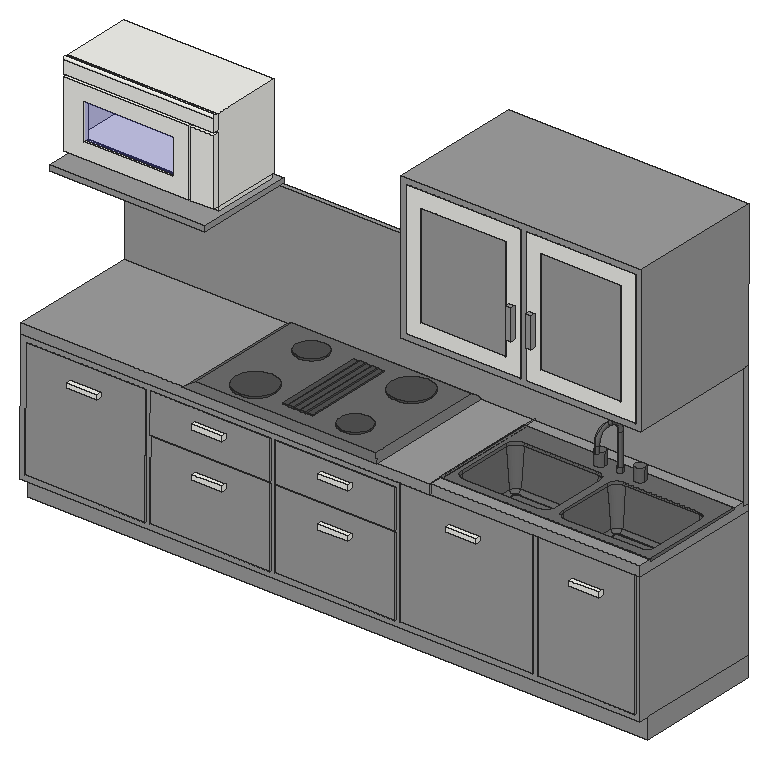
Revit family "kitchen", category Furniture, Revit 2013
Reference planes (in)
  plane 1 "Center Front/Back": y = 0
  plane 2: z = 0
  plane 3 "Center Left/Right": x = 0
Forms (in)
  Extrusion 1, solid, material "brown"
    sketch origin (0, 0, 0) x (1, 0, 0) y (0, 0, 1)
      loop
        line (-60, 0) -> (64, 0) -> (64, 4) -> (-60, 4) -> (-60, 0)
    from 0 to 25
  Extrusion 2, solid, material "brown"
    sketch origin (0, 0, 0) x (1, 0, 0) y (0, 0, 1)
      loop
        line (-60, 4) -> (64, 4) -> (64, 30) -> (63, 30) -> (63, 5) -> (43.5, 5) -> (43.5, 30) -> (42.5, 30) -> (42.5, 5) -> (40.44556, 5) -> (16, 5) -> (16, 30) -> (-60, 30) -> (-60, 4)
      loop
        line (-59, 5) -> (-35, 5) -> (-35, 29) -> (-59, 29) -> (-59, 5)
      loop
        line (-34, 5) -> (-10, 5) -> (-10, 29) -> (-34, 29) -> (-34, 5)
      loop
        line (-9, 5) -> (15, 5) -> (15, 29) -> (-9, 29) -> (-9, 5)
    from 0 to 27
  Extrusion 3, solid, material "black granite"
    sketch origin (0, 0, 0) x (1, 0, 0) y (0, 0, 1)
      loop
        line (-60, 30) -> (22, 30) -> (22, 32) -> (-60, 32) -> (-60, 30)
    from 0 to 27
  Extrusion 4, solid, material "brown"
    sketch origin (0, 0, 0) x (1, 0, 0) y (0, 0, 1)
      loop
        line (-59, 29) -> (-59, 5) -> (-35, 5) -> (-35, 29) -> (-59, 29)
      loop
        line (-9, 29) -> (-9, 21) -> (15, 21) -> (15, 29) -> (-9, 29)
      loop
        line (-9, 20.78396) -> (-9, 5) -> (15, 5) -> (15, 20.78396) -> (-9, 20.78396)
      loop
        line (-34, 29) -> (-34, 21) -> (-10, 21) -> (-10, 29) -> (-34, 29)
      loop
        line (-10, 20.80801) -> (-34, 20.80801) -> (-34, 5) -> (-10, 5) -> (-10, 20.80801)
    from 27 to 25.75
  Extrusion 5, solid, material "cream"
    sketch origin (0, 0, 0) x (1, 0, 0) y (0, 0, 1)
      loop
        line (-60, 31.25) -> (64, 31.25) -> (64, 56) -> (-60, 56) -> (-60, 31.25)
    from 0 to 1
  Extrusion 6, solid, material "black granite"
    sketch origin (0, 0, 0) x (1, 0, 0) y (0, 0, 1)
      loop
        line (-60, 56) -> (-29, 56) -> (-29, 57) -> (-60, 57) -> (-60, 56)
    from 0 to 19.61001
  Extrusion 7, solid, material "black granite"
    sketch origin (0, 0, 0) x (1, 0, 0) y (0, 1, 0)
      loop
        line (22, 0) -> (22, -27) -> (64, -27) -> (64, 0) -> (22, 0)
      loop
        line (22.5, -24.40814) -> (63.5, -24.40814) -> (63.5, -3.40814) -> (22.5, -3.40814) -> (22.5, -24.40814)
    from 30 to 32
  Extrusion 8, solid, material "brown"
    sketch origin (0, 0, 0) x (1, 0, 0) y (0, 0, 1)
      loop
        line (16, 30) -> (16, 5) -> (42.5, 5) -> (42.5, 30) -> (16, 30)
      loop
        line (43.5, 30) -> (43.5, 5) -> (63, 5) -> (63, 30) -> (43.5, 30)
    from 27 to 25.75
  Extrusion 9, solid, material "brown"
    sketch origin (0, 0, 0) x (1, 0, 0) y (0, 0, 1)
      loop
        line (63.75, 4) -> (63.75, 30) -> (-60, 30) -> (-60, 4) -> (63.75, 4)
    from 0 to 1
  Extrusion 10, solid, material "brown"
    sketch origin (0, 0, 0) x (1, 0, 0) y (0, 0, 1)
      loop
        line (16, 56) -> (64, 56) -> (64, 85) -> (16, 85) -> (16, 56)
      loop
        line (17, 84) -> (17, 57) -> (40, 57) -> (40, 84) -> (17, 84)
      loop
        line (63, 57) -> (63, 84) -> (41, 84) -> (41, 57) -> (63, 57)
    from 0 to 27
  Extrusion 11, solid, material "Laminate - Ivory, Matte"
    sketch origin (0, 0, 0) x (1, 0, 0) y (0, 0, 1)
      loop
        line (17, 84) -> (17, 57) -> (40, 57) -> (40, 84) -> (17, 84)
      loop
        line (41, 84) -> (41, 57) -> (63, 57) -> (63, 84) -> (41, 84)
      loop
        line (20, 80.7407) -> (20, 60) -> (37, 60) -> (37, 80.7407) -> (20, 80.7407)
      loop
        line (44, 60) -> (60, 60) -> (60, 81) -> (44, 81) -> (44, 60)
    from 25.75 to 27
  Extrusion 12, solid, material "translucent glass"
    sketch origin (0, 0, 0) x (1, 0, 0) y (0, 0, 1)
      loop
        line (20, 80.7407) -> (20, 60) -> (37, 60) -> (37, 80.7407) -> (20, 80.7407)
      loop
        line (44, 81) -> (44, 60) -> (60, 60) -> (60, 81) -> (44, 81)
    from 25.75 to 27
  Extrusion 13, solid, material "brown"
    sketch origin (0, 0, 0) x (1, 0, 0) y (0, 0, 1)
      loop
        line (63, 57) -> (63, 84) -> (17, 84) -> (17, 57) -> (63, 57)
    from 0 to 1
  Extrusion 14, solid, material "brown"
    sketch origin (0, 0, 0) x (1, 0, 0) y (0, 0, 1)
      loop
        line (37.98553, 69.77972) -> (37.98553, 63.77972) -> (38.98553, 63.77972) -> (38.98553, 69.77972) -> (37.98553, 69.77972)
      loop
        line (41.98553, 69.77972) -> (41.98553, 63.77972) -> (42.98553, 63.77972) -> (42.98553, 69.77972) -> (41.98553, 69.77972)
    from 28 to 1
  Extrusion 15, solid, material "Laminate - Ivory, Matte"
    sketch origin (0, 0, 0) x (1, 0, 0) y (0, 0, 1)
      loop
        line (-49.83508, 25.26516) -> (-49.83508, 24.26516) -> (-43.83508, 24.26516) -> (-43.83508, 25.26516) -> (-49.83508, 25.26516)
      loop
        line (-24.86934, 26.57356) -> (-24.86934, 25.57356) -> (-18.86934, 25.57356) -> (-18.86934, 26.57356) -> (-24.86934, 26.57356)
      loop
        line (-24.86934, 17.57356) -> (-24.86934, 16.57356) -> (-18.86934, 16.57356) -> (-18.86934, 17.57356) -> (-24.86934, 17.57356)
      loop
        line (0.26856, 26.57356) -> (0.26856, 25.57356) -> (6.26856, 25.57356) -> (6.26856, 26.57356) -> (0.26856, 26.57356)
      loop
        line (0.26856, 17.57356) -> (0.26856, 16.57356) -> (6.26856, 16.57356) -> (6.26856, 17.57356) -> (0.26856, 17.57356)
      loop
        line (25.85204, 26.03833) -> (25.85204, 25.03833) -> (31.85204, 25.03833) -> (31.85204, 26.03833) -> (25.85204, 26.03833)
      loop
        line (50.44547, 25.03833) -> (50.44547, 24.03833) -> (56.44547, 24.03833) -> (56.44547, 25.03833) -> (50.44547, 25.03833)
    from 28 to 25
Dimensions and locks (in)
  Extrusion 2 to Extrusion 4 = 2' - 1"
  aligned and locked: level to plane 2
Nested families (in)
  nested 1: "Cook Top-4 Unit" at (-8, -13.75, 1), type "36" x 20""
  nested 2: "Sink Kitchen-Double" at (42.38231, -14.09234, -4.35908), type "42" x 21""
  nested 3: "Microwave" at (-64.69657, 5.65081, 20.87291), type "30" x 16" x 18""
Definition of nested family "Cook Top-4 Unit"
  Parameters (values of type "36" x 20"")
    Assembly Code = "E1090400"
    Burner Material = Metal - Chrome
    Cooktop Material = Metal - Steel, Polished
    Depth = 2' - 0"
    Width = 3' - 0"
  Types (4): name | Depth | Width
    (no name) | 2' - 0" | 3' - 0"
    36" x 20" | 2' - 0" | 3' - 0"
    40" x 21" | 1' - 9" | 3' - 4"
    42" x 22" | 1' - 10" | 3' - 6"
  Reference planes (in)
    plane 1 "Center (Front/Back)": y = 0
    plane 2: z = 31
    plane 3 "Center (Left/Right)": x = 0
    plane 4: x = -18
    plane 5: x = 18
    plane 6: y = 12
    plane 7: y = -12
    plane 8: y = 7
    plane 9: y = -7
    plane 10: x = -10
    plane 11: x = 10
  Forms (in)
    Blend 1, solid, material "Metal - Steel, Polished" <- "Cooktop Material"
      base sketch origin (0, 0, 0) x (1, 0, 0) y (0, 1, 0)
        loop
          line (-19.5, 13.5) -> (-19.5, -13.5) -> (19.5, -13.5) -> (19.5, 13.5) -> (-19.5, 13.5)
      top sketch origin (0, 0, 0) x (1, 0, 0) y (0, 1, 0)
        loop
          line (-18, 12) -> (-18, -12) -> (18, -12) -> (18, 12) -> (-18, 12)
      from 31 to 31.75
    Extrusion 2, solid, material "Metal - Chrome" <- "Burner Material"
      sketch origin (0, 0, 31.75) x (-1, 0, 0) y (0, -1, 0)
        loop
          circle (10, -7) r 3.01523
        loop
          circle (-10, -7) r 4
        loop
          circle (-10, 7) r 3
        loop
          line (3, -9) -> (3, 9) -> (2, 9) -> (2, -9) -> (3, -9)
        loop
          line (1.75, -9) -> (1.75, 9) -> (0.75, 9) -> (0.75, -9) -> (1.75, -9)
        loop
          line (0.5, -9) -> (0.5, 9) -> (-0.5, 9) -> (-0.5, -9) -> (0.5, -9)
        loop
          line (-0.75, -9) -> (-0.75, 9) -> (-1.75, 9) -> (-1.75, -9) -> (-0.75, -9)
        loop
          line (-2, -9) -> (-2, 9) -> (-3, 9) -> (-3, -9) -> (-2, -9)
      from 0 to 0.25
    Extrusion 3, solid, material "Metal - Chrome" <- "Burner Material"
      sketch origin (0, 0, 31.75) x (-1, 0, 0) y (0, -1, 0)
        loop
          circle (10, 7) r 4
      from 0 to 0.25
  Lines and regions (in)
    symbolic lines, style "SpecialityEquipment"
      curve 1: line (-19.5, 13.5, 0) -> (19.5, 13.5, 0)
      curve 2: line (-19.5, -13.5, 0) -> (-19.5, 13.5, 0)
      curve 3: line (19.5, -13.5, 0) -> (-19.5, -13.5, 0)
      curve 4: line (19.5, 13.5, 0) -> (19.5, -13.5, 0)
      curve 5: line (-18, 12, 0) -> (18, 12, 0)
      curve 6: line (-18, -12, 0) -> (-18, 12, 0)
      curve 7: line (18, -12, 0) -> (-18, -12, 0)
      curve 8: line (18, 12, 0) -> (18, -12, 0)
      curve 9: line (-8, 7, 0) -> (-6, 7, 0)
      curve 10: line (-12, 7, 0) -> (-14, 7, 0)
      curve 11: line (-10, 9, 0) -> (-10, 11, 0)
      curve 12: arc (-6.98477, 7, 0) -> (-10, 10.01523, 0) -> (-13.01523, 7, 0) r 3.01523
      curve 13: arc (-13.01523, 7, 0) -> (-10, 3.98477, 0) -> (-6.98477, 7, 0) r 3.01523
      curve 14: arc (-6, -7, 0) -> (-10, -3, 0) -> (-14, -7, 0) r 4
      curve 15: arc (-14, -7, 0) -> (-10, -11, 0) -> (-6, -7, 0) r 4
      curve 16: line (-12, -7, 0) -> (-15, -7, 0)
      curve 17: line (-10, -9, 0) -> (-10, -12, 0)
      curve 18: line (12, -7, 0) -> (14, -7, 0)
      curve 19: line (10, -9, 0) -> (10, -11, 0)
      curve 20: line (-3, 9, 0) -> (3, 9, 0)
      curve 21: line (-3, -9, 0) -> (-3, 9, 0)
      curve 22: line (3, -9, 0) -> (-3, -9, 0)
      curve 23: line (3, 9, 0) -> (3, -9, 0)
      curve 24: line (-2, -9, 0) -> (-2, 9, 0)
      curve 25: line (-0.75, -9, 0) -> (-0.75, 9, 0)
      curve 26: line (0.5, -9, 0) -> (0.5, 9, 0)
      curve 27: line (1.75, -9, 0) -> (1.75, 9, 0)
      curve 28: line (2, 9, 0) -> (2, -9, 0)
      curve 29: line (0.75, 9, 0) -> (0.75, -9, 0)
      curve 30: line (-0.5, 9, 0) -> (-0.5, -9, 0)
      curve 31: line (-1.75, 9, 0) -> (-1.75, -9, 0)
      curve 32: arc (10, -4, 0) -> (13, -7, 0) -> (10, -10, 0) r 3
      curve 33: arc (10, -4, 0) -> (7, -7, 0) -> (10, -10, 0) r 3
      curve 34: arc (14, 7, 0) -> (10, 11, 0) -> (6, 7, 0) r 4
      curve 35: arc (6, 7, 0) -> (10, 3, 0) -> (14, 7, 0) r 4
      curve 36: line (-10, 5, 0) -> (-10, 3, 0)
      curve 37: line (7, 7, 0) -> (4, 7, 0)
      curve 38: line (8, -7, 0) -> (5, -7, 0)
      curve 39: line (-8, -7, 0) -> (-5, -7, 0)
      curve 40: line (-10, -5, 0) -> (-10, -2, 0)
      curve 41: line (10, -5, 0) -> (10, -3, 0)
      curve 42: line (10, 5, 0) -> (10, 2, 0)
      curve 43: line (10, 9, 0) -> (10, 12, 0)
      curve 44: line (12, 7, 0) -> (15, 7, 0)
  Dimensions and locks (in)
    "Width": plane 4 to plane 5
    equal spacing: plane 7, plane 1 "Center (Front/Back)", plane 6
    equal spacing: plane 4, plane 3 "Center (Left/Right)", plane 5
    "Depth": plane 7 to plane 6
    plane 7 to Blend 1 sketch curve = 0' - 1 1/2"
    plane 4 to plane 10 = 0' - 8"
    plane 11 to plane 5 = 0' - 8"
    plane 8 to plane 6 = 0' - 5"
    plane 7 to plane 9 = 0' - 5"
    curve 21 to curve 23 = 0' - 6"
  Automatic sketch dimensions
    plane 4 to Blend 1 sketch curve = 0' - 1 1/2"
    Blend 1 sketch curve to plane 5 = 0' - 1 1/2"
    Blend 1 sketch curve to plane 6 = 0' - 1 1/2"
    Blend 1 sketch curve to plane 4 = 0' - 0"
    Blend 1 sketch curve to plane 5 = 0' - 0"
    Blend 1 sketch curve to plane 7 = 0' - 0"
    Blend 1 sketch curve to plane 6 = 0' - 0"
    Extrusion 2 sketch curve to plane 8 = 0' - 0"  (x2)
    Extrusion 2 sketch curve to plane 9 = 0' - 0"
    Extrusion 2 sketch curve to plane 11 = 0' - 0"  (x2)
    Extrusion 2 sketch curve to plane 10 = 0' - 0"
    Extrusion 2 sketch curve to Extrusion 2 sketch curve = 0' - 3"
    plane 5 to Extrusion 2 sketch curve = 0' - 4"
    plane 3 "Center (Left/Right)" to Extrusion 2 sketch curve = 0' - 3"
    Extrusion 2 sketch curve to Extrusion 2 sketch curve = 0' - 1"  (x3)
    Extrusion 2 sketch curve to Extrusion 2 sketch curve = 0' - 0 1/4"  (x4)
    plane 3 "Center (Left/Right)" to Extrusion 2 sketch curve = 0' - 0 3/4"
    Extrusion 2 sketch curve to plane 3 "Center (Left/Right)" = 0' - 0 1/2"
    Extrusion 2 sketch curve to Extrusion 2 sketch curve = 0' - 3.01523"
    Extrusion 2 sketch curve to plane 8 = 0' - 2"  (x2)
    Extrusion 2 sketch curve to Extrusion 2 sketch curve = 0' - 0"  (x7)
    plane 9 to Extrusion 2 sketch curve = 0' - 2"
    Extrusion 3 sketch curve to plane 9 = 0' - 0"
    Extrusion 3 sketch curve to plane 10 = 0' - 0"
    Extrusion 3 sketch curve to Extrusion 3 sketch curve = 0' - 4"
    curve 7 to plane 4 = 0' - 0"
    curve 16 to plane 9 = 0' - 0"
    curve 15 to plane 9 = 0' - 0"
    curve 10 to plane 8 = 0' - 0"
    curve 40 to plane 10 = 0' - 0"
    curve 36 to plane 10 = 0' - 0"
    curve 11 to plane 10 = 0' - 0"
    curve 12 to plane 10 = 0' - 0"
    curve 15 to plane 10 = 0' - 0"
    curve 17 to plane 10 = 0' - 0"
    curve 13 to plane 10 = 0' - 0"
    curve 39 to plane 9 = 0' - 0"
    curve 37 to plane 8 = 0' - 0"
    curve 38 to plane 9 = 0' - 0"
    curve 35 to plane 8 = 0' - 0"
    curve 19 to plane 11 = 0' - 0"
    curve 34 to plane 11 = 0' - 0"
    curve 42 to plane 11 = 0' - 0"
    curve 41 to plane 11 = 0' - 0"
    curve 43 to plane 6 = 0' - 0"
    curve 43 to plane 11 = 0' - 0"
    curve 18 to plane 9 = 0' - 0"
    curve 44 to plane 8 = 0' - 0"
    curve 8 to plane 5 = 0' - 0"
    curve 6 to plane 7 = 0' - 0"
    curve 32 to plane 9 = 0' - 0"
    curve 33 to plane 9 = 0' - 0"
    plane 4 to curve 3 = 0' - 1 1/2"
    curve 16 to plane 4 = 0' - 3"
    curve 16 to curve 15 = 0' - 1"
    curve 10 to curve 13 = 0' - 4"
    curve 10 to curve 13 = 0' - 0.98477"
    curve 12 to curve 13 = 0' - 0"
    plane 10 to curve 16 = 0' - 2"
    curve 12 to curve 10 = 0' - 1.01523"
    curve 14 to curve 39 = 0' - 2"
    curve 9 to curve 13 = 0' - 1.01523"
    curve 12 to curve 9 = 0' - 0.98477"
    curve 15 to curve 39 = 0' - 1"
    curve 22 to plane 3 "Center (Left/Right)" = 0' - 3"
    curve 22 to curve 24 = 0' - 1"
    curve 24 to curve 31 = 0' - 0 1/4"
    curve 25 to plane 3 "Center (Left/Right)" = 0' - 0 3/4"
    curve 25 to curve 30 = 0' - 0 1/4"
    plane 3 "Center (Left/Right)" to curve 26 = 0' - 0 1/2"
    curve 26 to curve 29 = 0' - 0 1/4"
    curve 29 to curve 27 = 0' - 1"
    curve 27 to curve 28 = 0' - 0 1/4"
    curve 37 to curve 34 = 0' - 6"
    plane 11 to curve 38 = 0' - 5"
    curve 37 to curve 35 = 0' - 2"
    curve 35 to curve 37 = 0' - 1"
    plane 11 to curve 38 = 0' - 2"
    curve 32 to curve 18 = 0' - 2"
    curve 44 to curve 34 = 0' - 2"
    curve 18 to curve 18 = 0' - 2"
    curve 34 to curve 44 = 0' - 1"
    curve 3 to plane 5 = 0' - 1 1/2"
    plane 7 to curve 4 = 0' - 1 1/2"
    curve 19 to plane 7 = 0' - 1"
    curve 19 to curve 33 = 0' - 1"
    curve 22 to curve 38 = 0' - 2"
    curve 17 to curve 14 = 0' - 2"
    curve 33 to curve 19 = 0' - 1"
    curve 40 to plane 9 = 0' - 2"
    curve 41 to curve 32 = 0' - 1"
    curve 33 to curve 41 = 0' - 1"
    curve 40 to curve 40 = 0' - 3"
    plane 8 to curve 42 = 0' - 5"
    curve 36 to curve 12 = 0' - 4"
    curve 36 to curve 12 = 0' - 2"
    plane 8 to curve 42 = 0' - 2"
    curve 37 to curve 28 = 0' - 2"
    curve 11 to plane 8 = 0' - 2"
    curve 34 to curve 43 = 0' - 2"
    plane 6 to curve 11 = 0' - 1"
    curve 1 to plane 6 = 0' - 1 1/2"
Definition of nested family "Sink Kitchen-Double"
  Parameters (values of type "42" x 21"")
    Assembly Code = "D2010410"
    Counter Height = 3' - 0"
    Depth = 1' - 9"
    Faucet Material = Metal - Steel, Polished
    Sink Material = Metal - Steel, Polished
    Width = 3' - 6"
  Reference planes (in)
    plane 1 "Center (Front/Back)": y = -1.40766
    plane 2: z = 0
    plane 3 "Center (Left/Right)": x = 0.61769
    plane 4: y = 10.59234
    plane 5: y = -10.40766
    plane 6: x = -20.38231
    plane 7: x = 21.61769
    plane 8 "Top Of Counter": z = 36
    plane 9: z = 36.5
    plane 10: z = 27.5
    plane 11: y = 6.09234
    plane 12: x = -18.88231
    plane 13: y = -8.90766
    plane 14: x = 20.11769
    plane 15: x = -3.38231
    plane 16: x = 4.61769
    plane 17: y = 8.34234
    plane 18: y = 8.34234
    plane 19: y = 8.34234
    plane 20: z = 46.375
    plane 21: y = 2.46734
    plane 22: z = 39
    plane 23: z = 37.5
    plane 24: x = -0.13231
    plane 25: x = 1.36769
    plane 26: x = -9.13231
    plane 27: x = 10.36769
    plane 28: z = 27.875
  Forms (in)
    Extrusion 1, solid, material "Metal - Steel, Polished" <- "Sink Material"
      sketch origin (0, 0, 0) x (1, 0, 0) y (0, 1, 0)
        loop
          line (-20.38231, 10.59234) -> (-20.38231, -10.40766) -> (21.61769, -10.40766) -> (21.61769, 10.59234) -> (-20.38231, 10.59234)
        loop
          arc (-16.88231, 6.09234) -> (-18.29653, 5.50655) -> (-18.88231, 4.09234) r 2
          line (-18.88231, 4.09234) -> (-18.88231, -6.90766)
          arc (-18.88231, -6.90766) -> (-18.29653, -8.32187) -> (-16.88231, -8.90766) r 2
          line (-16.88231, -8.90766) -> (-2.13231, -8.90766)
          arc (-2.13231, -8.90766) -> (-0.7181, -8.32187) -> (-0.13231, -6.90766) r 2
          line (-0.13231, -6.90766) -> (-0.13231, 4.09234)
          arc (-0.13231, 4.09234) -> (-0.7181, 5.50655) -> (-2.13231, 6.09234) r 2
          line (-2.13231, 6.09234) -> (-16.88231, 6.09234)
        loop
          arc (18.11769, -8.90766) -> (19.5319, -8.32187) -> (20.11769, -6.90766) r 2
          line (20.11769, -6.90766) -> (20.11769, 4.09234)
          arc (20.11769, 4.09234) -> (19.5319, 5.50655) -> (18.11769, 6.09234) r 2
          line (18.11769, 6.09234) -> (3.36769, 6.09234)
          arc (3.36769, 6.09234) -> (1.95347, 5.50655) -> (1.36769, 4.09234) r 2
          line (1.36769, 4.09234) -> (1.36769, -6.90766)
          arc (1.36769, -6.90766) -> (1.95347, -8.32187) -> (3.36769, -8.90766) r 2
          line (3.36769, -8.90766) -> (18.11769, -8.90766)
      from 36 to 36.5
    Sweep 2, solid, material "Metal - Steel, Polished" <- "Sink Material"
      path origin (0, 0, 0) x (1, 0, 0) y (0, 1, 0)
        loop
          arc (-16.88231, 6.09234) -> (-18.29653, 5.50655) -> (-18.88231, 4.09234) r 2
          line (-18.88231, 4.09234) -> (-18.88231, -6.90766)
          arc (-18.88231, -6.90766) -> (-18.29653, -8.32187) -> (-16.88231, -8.90766) r 2
          line (-16.88231, -8.90766) -> (-2.13231, -8.90766)
          arc (-2.13231, -8.90766) -> (-0.7181, -8.32187) -> (-0.13231, -6.90766) r 2
          line (-0.13231, -6.90766) -> (-0.13231, 4.09234)
          arc (-0.13231, 4.09234) -> (-0.7181, 5.50655) -> (-2.13231, 6.09234) r 2
          line (-2.13231, 6.09234) -> (-16.88231, 6.09234)
      profile origin (-9.50731, 0, 0) x (0, 1, 0) y (0, 0, 1)
        loop
          line (6.09234, 36) -> (5.44139, 28.55963)
          arc (5.44139, 28.55963) -> (5.20094, 28.07204) -> (4.69424, 27.875) r 0.75
          line (4.69424, 27.875) -> (4.59234, 27.875) -> (4.59234, 27.5) -> (6.34234, 27.5) -> (6.34234, 36) -> (6.09234, 36)
    Extrusion 3, solid, material "Metal - Steel, Polished" <- "Sink Material"
      sketch origin (0, 0, 0) x (1, 0, 0) y (0, 1, 0)
        loop
          arc (-16.88231, 4.59234) -> (-17.23587, 4.44589) -> (-17.38231, 4.09234) r 0.5
          line (-17.38231, 4.09234) -> (-17.38231, -6.90766)
          arc (-17.38231, -6.90766) -> (-17.23587, -7.26121) -> (-16.88231, -7.40766) r 0.5
          line (-16.88231, -7.40766) -> (-2.13231, -7.40766)
          arc (-2.13231, -7.40766) -> (-1.77876, -7.26121) -> (-1.63231, -6.90766) r 0.5
          line (-1.63231, -6.90766) -> (-1.63231, 4.09234)
          arc (-1.63231, 4.09234) -> (-1.77876, 4.44589) -> (-2.13231, 4.59234) r 0.5
          line (-2.13231, 4.59234) -> (-16.88231, 4.59234)
        loop
          circle (-9.13231, -1.40766) r 1
      from 27.5 to 27.875
    Extrusion 4, solid, material "Metal - Steel, Polished" <- "Faucet Material"
      sketch origin (0, 0, 0) x (1, 0, 0) y (0, 1, 0)
        loop
          circle (-3.38231, 8.34234) r 1
        loop
          circle (4.61769, 8.34234) r 1
      from 36.5 to 39
    Sweep 5, solid, material "Metal - Steel, Polished" <- "Faucet Material"
      path origin (0.61769, 0, 0) x (0, 1, 0) y (0, 0, 1)
        loop
          line (8.34234, 36.5) -> (8.34234, 43.875)
          arc (8.34234, 43.875) -> (7.61011, 45.64277) -> (5.84234, 46.375) r 2.5
          line (5.84234, 46.375) -> (4.96734, 46.375)
          arc (4.96734, 46.375) -> (3.19957, 45.64277) -> (2.46734, 43.875) r 2.5
          line (2.46734, 43.875) -> (2.46734, 42.5)
      profile origin (0.61769, 0, 40.1875) x (0, -1, 0) y (1, 0, 0)
        loop
          circle (-8.34234, 0) r 0.375
    Extrusion 6, solid, material "Metal - Steel, Polished" <- "Faucet Material"
      sketch origin (0, 0, 0) x (1, 0, 0) y (0, 1, 0)
        loop
          circle (0.61769, 8.34234) r 0.5
      from 36.5 to 37.5
    Sweep 7, solid, material "Metal - Steel, Polished" <- "Sink Material"
      path origin (1.23537, 0, 0) x (-1, 0, 0) y (0, -1, 0)
        loop
          line (-16.88231, -6.09234) -> (-2.13231, -6.09234)
          arc (-2.13231, -6.09234) -> (-0.7181, -5.50655) -> (-0.13231, -4.09234) r 2
          line (-0.13231, -4.09234) -> (-0.13231, 6.90766)
          arc (-0.13231, 6.90766) -> (-0.7181, 8.32187) -> (-2.13231, 8.90766) r 2
          line (-2.13231, 8.90766) -> (-16.88231, 8.90766)
          arc (-16.88231, 8.90766) -> (-18.29653, 8.32187) -> (-18.88231, 6.90766) r 2
          line (-18.88231, 6.90766) -> (-18.88231, -4.09234)
          arc (-18.88231, -4.09234) -> (-18.29653, -5.50655) -> (-16.88231, -6.09234) r 2
      profile origin (10.74269, 0, 0) x (0, -1, 0) y (0, 0, 1)
        loop
          line (-6.09234, 36) -> (-6.34234, 36) -> (-6.34234, 27.5) -> (-4.59234, 27.5) -> (-4.59234, 27.875) -> (-4.69424, 27.875)
          arc (-4.69424, 27.875) -> (-5.20094, 28.07204) -> (-5.44139, 28.55963) r 0.75
          line (-5.44139, 28.55963) -> (-6.09234, 36)
    Extrusion 8, solid, material "Metal - Steel, Polished" <- "Sink Material"
      sketch origin (0, 0, 0) x (1, 0, 0) y (0, 1, 0)
        loop
          arc (3.36769, 4.69424) -> (3.01413, 4.5478) -> (2.86769, 4.19424) r 0.5
          line (2.86769, 4.19424) -> (2.86769, -6.90766)
          arc (2.86769, -6.90766) -> (3.01413, -7.26121) -> (3.36769, -7.40766) r 0.5
          line (3.36769, -7.40766) -> (18.11769, -7.40766)
          arc (18.11769, -7.40766) -> (18.47124, -7.26121) -> (18.61769, -6.90766) r 0.5
          line (18.61769, -6.90766) -> (18.61769, 4.19424)
          arc (18.61769, 4.19424) -> (18.47124, 4.5478) -> (18.11769, 4.69424) r 0.5
          line (18.11769, 4.69424) -> (3.36769, 4.69424)
        loop
          circle (10.36769, -1.40766) r 1
      from 27.5 to 27.875
  Cuts and joins
    joined: Extrusion 1, Sweep 2, Sweep 7
    joined: Sweep 5, Extrusion 6
  Lines and regions (in)
    Masking region 1
      outline origin (0, 0, 36) x (0, -1, 0) y (1, 0, 0)
        loop
          line (-10.59234, -20.38231) -> (10.40766, -20.38231) -> (10.40766, 21.61769) -> (-10.59234, 21.61769) -> (-10.59234, -20.38231)
    symbolic lines
      curve 1: line (-18.88231, 4.09234, 36) -> (-18.88231, -6.90766, 36)
      curve 2: line (-16.88231, -8.90766, 36) -> (-2.13231, -8.90766, 36)
      curve 3: line (20.11769, -6.90766, 36) -> (20.11769, 4.09234, 36)
      curve 4: line (18.11769, 6.09234, 36) -> (3.36769, 6.09234, 36)
      curve 5: arc (20.11769, 4.09234, 36) -> (19.5319, 5.50655, 36) -> (18.11769, 6.09234, 36) r 2
      curve 6: arc (18.11769, -8.90766, 36) -> (19.5319, -8.32187, 36) -> (20.11769, -6.90766, 36) r 2
      curve 7: arc (-18.88231, -6.90766, 36) -> (-18.29653, -8.32187, 36) -> (-16.88231, -8.90766, 36) r 2
      curve 8: arc (-16.88231, 6.09234, 36) -> (-18.29653, 5.50655, 36) -> (-18.88231, 4.09234, 36) r 2
      curve 9: arc (1.11769, 8.34234, 36) -> (0.61769, 8.84234, 36) -> (0.11769, 8.34234, 36) r 0.5
      curve 10: line (0.11769, 8.34234, 36) -> (0.11769, 0.59234, 36)
      curve 11: line (1.11769, 8.34234, 36) -> (1.11769, 0.59234, 36)
      curve 12: arc (1.11769, 0.59234, 36) -> (0.61769, 0.09234, 36) -> (0.11769, 0.59234, 36) r 0.5
      curve 13: line (-0.13231, 4.09234, 36) -> (-0.13231, -6.90766, 36)
      curve 14: line (1.36769, 4.09234, 36) -> (1.36769, -6.90766, 36)
      curve 15: line (3.36769, -8.90766, 36) -> (18.11769, -8.90766, 36)
      curve 16: line (-2.13231, 6.09234, 36) -> (-16.88231, 6.09234, 36)
      curve 17: arc (3.36769, 6.09234, 36) -> (1.95347, 5.50655, 36) -> (1.36769, 4.09234, 36) r 2
      curve 18: arc (1.36769, -6.90766, 36) -> (1.95347, -8.32187, 36) -> (3.36769, -8.90766, 36) r 2
      curve 19: arc (-0.13231, -6.90766, 36) -> (-0.7181, -8.32187, 36) -> (-2.13231, -8.90766, 36) r 2
      curve 20: arc (-0.13231, 4.09234, 36) -> (-0.7181, 5.50655, 36) -> (-2.13231, 6.09234, 36) r 2
      curve 21: arc (-10.13231, -1.40766, 36) -> (-9.13231, -0.40766, 36) -> (-8.13231, -1.40766, 36) r 1
      curve 22: arc (-8.13231, -1.40766, 36) -> (-9.13231, -2.40766, 36) -> (-10.13231, -1.40766, 36) r 1
      curve 23: arc (9.36769, -1.40766, 36) -> (10.36769, -0.40766, 36) -> (11.36769, -1.40766, 36) r 1
      curve 24: arc (11.36769, -1.40766, 36) -> (10.36769, -2.40766, 36) -> (9.36769, -1.40766, 36) r 1
      curve 25: arc (-4.38231, 8.34234, 36) -> (-3.38231, 7.34234, 36) -> (-2.38231, 8.34234, 36) r 1
      curve 26: arc (-2.38231, 8.34234, 36) -> (-3.38231, 9.34234, 36) -> (-4.38231, 8.34234, 36) r 1
      curve 27: arc (3.61769, 8.34234, 36) -> (4.61769, 7.34234, 36) -> (5.61769, 8.34234, 36) r 1
      curve 28: arc (5.61769, 8.34234, 36) -> (4.61769, 9.34234, 36) -> (3.61769, 8.34234, 36) r 1
  Dimensions and locks (in)
    equal spacing: plane 6, plane 3 "Center (Left/Right)", plane 7
    "Width": plane 6 to plane 7
    "Depth": plane 5 to plane 4
    "Counter Height": plane 8 "Top Of Counter" to plane 2
    locked: plane 9 to plane 8 "Top Of Counter" at 0.5
    locked: plane 8 "Top Of Counter" to plane 10 at 8.5
    locked: plane 6 to plane 12 at 1.5
    locked: plane 14 to plane 7 at 1.5
    locked: plane 11 to plane 4 at 4.5
    locked: plane 5 to plane 13 at 1.5
    equal spacing: plane 11, plane 17, plane 4
    equal spacing: plane 11, plane 18, plane 4
    equal spacing: plane 4, plane 19, plane 11
    locked: plane 19 to plane 21 at 5.875
    locked: plane 20 to plane 9 at 9.875
    locked: plane 22 to plane 9 at 2.5
    locked: plane 23 to plane 9 at 1
    plane 24 to plane 3 "Center (Left/Right)" to plane 25 = 0' - 0 3/4" locked, 0' - 0 3/4" locked
    equal spacing: plane 12, plane 26, plane 3 "Center (Left/Right)"
    equal spacing: plane 3 "Center (Left/Right)", plane 27, plane 14
    equal spacing: plane 13, plane 1 "Center (Front/Back)", plane 11
    locked: plane 15 to plane 3 "Center (Left/Right)" at 4
    locked: plane 3 "Center (Left/Right)" to plane 16 at 4
    locked: plane 28 to plane 10 at 0.375
    aligned and locked: Extrusion 1 sketch curve to plane 5
    aligned and locked: plane 7 to Extrusion 1 sketch curve
    aligned and locked: plane 4 to Extrusion 1 sketch curve
    aligned and locked: Extrusion 1 sketch curve to plane 6
    aligned and locked: plane 8 "Top Of Counter" to Extrusion 1
    aligned and locked: Extrusion 1 to plane 9
    aligned and locked: plane 11 to Extrusion 1 sketch curve
    aligned and locked: plane 14 to Extrusion 1 sketch curve
    aligned and locked: Extrusion 1 sketch curve to plane 12
    aligned and locked: Extrusion 1 sketch curve to plane 13
    aligned and locked: plane 11 to Sweep 2 sketch curve
    aligned and locked: Sweep 2 sketch curve to plane 12
    aligned and locked: Sweep 2 sketch curve to plane 13
    aligned and locked: Sweep 2 to Extrusion 3 sketch curve  (x4)
    aligned and locked: plane 10 to Extrusion 3
    aligned and locked: Sweep 2 sketch curve to plane 10
    aligned and locked: plane 8 "Top Of Counter" to Sweep 2 sketch curve
    aligned and locked: Extrusion 4 to Extrusion 1
    aligned and locked: Extrusion 6 to Extrusion 1
    aligned and locked: Sweep 5 sketch curve to plane 19
    aligned and locked: plane 20 to Sweep 5 sketch curve
    aligned and locked: plane 21 to Sweep 5 sketch curve
    aligned and locked: Extrusion 4 to plane 22
    aligned and locked: Extrusion 6 to plane 23
    aligned and locked: Sweep 2 sketch curve to Extrusion 1
    aligned and locked: Sweep 7 sketch curve to plane 14
    aligned and locked: Sweep 7 sketch curve to Extrusion 1
    aligned and locked: Sweep 7 sketch curve to plane 11
    aligned and locked: plane 13 to Sweep 7 sketch curve
    aligned and locked: plane 10 to Extrusion 8
    aligned and locked: curve 21 to Extrusion 3
    aligned and locked: curve 23 to Extrusion 8
    aligned and locked: Extrusion 8 sketch curve to Sweep 7
    aligned and locked: Sweep 7 sketch curve to plane 8 "Top Of Counter"
    aligned and locked: plane 10 to Sweep 7 sketch curve
    aligned and locked: plane 4 to Masking region 1 sketch curve
    aligned and locked: plane 7 to Masking region 1 sketch curve
    aligned and locked: Masking region 1 sketch curve to plane 5
    aligned and locked: Masking region 1 sketch curve to plane 6
    aligned and locked: plane 15 to Extrusion 4 sketch curve
    aligned and locked: plane 17 to Extrusion 4 sketch curve  (x2)
    aligned and locked: plane 16 to Extrusion 4 sketch curve
    aligned and locked: curve 25 to Extrusion 4
    aligned and locked: curve 27 to Extrusion 4
    aligned and locked: Extrusion 3 to plane 28
    aligned and locked: Extrusion 8 to plane 28
  Automatic sketch dimensions
    Sweep 2 sketch curve to profile plane = 0' - 0"
    profile plane to Sweep 2 sketch curve = 0' - 0.65095"
    Sweep 2 sketch curve to Sweep 2 sketch curve = 0' - 0.74715"
    Sweep 2 sketch curve to Sweep 2 sketch curve = 0' - 0.10191"
    Sweep 2 sketch curve to profile plane = 0' - 0 1/4"
    Sweep 2 sketch curve to Sweep 2 sketch curve = 0' - 0 3/8"
    Sweep 2 sketch curve to Sweep 2 sketch curve = 0' - 0.68463"
    plane 15 to Extrusion 4 sketch curve = 0' - 1"
    plane 16 to Extrusion 4 sketch curve = 0' - 1"
    Sweep 5 sketch curve to plane 3 "Center (Left/Right)" = 0' - 0"
    Sweep 5 sketch curve to profile plane = 0' - 0"
    profile plane to Sweep 5 sketch curve = 0' - 0 3/8"
    Extrusion 6 sketch curve to plane 18 = 0' - 0"
    Extrusion 6 sketch curve to plane 3 "Center (Left/Right)" = 0' - 0"
    Extrusion 6 sketch curve to plane 3 "Center (Left/Right)" = 0' - 0 1/2"
    Sweep 5 sketch curve to plane 9 = 0' - 0"
    Sweep 5 sketch curve to Sweep 5 sketch curve = 0' - 2 1/2"
    plane 11 to Sweep 5 sketch curve = 0' - 0 1/4"
    Sweep 5 sketch curve to Sweep 5 sketch curve = 0' - 1 3/8"
    Extrusion 1 sketch curve to plane 13 = 0' - 0"
    Extrusion 1 sketch curve to plane 24 = 0' - 0"
    Extrusion 1 sketch curve to plane 25 = 0' - 0"
    Extrusion 1 sketch curve to plane 11 = 0' - 0"
    Extrusion 1 sketch curve to plane 12 = 0' - 2"  (x2)
    Extrusion 1 sketch curve to plane 3 "Center (Left/Right)" = 0' - 2 3/4"  (x2)
    plane 3 "Center (Left/Right)" to Extrusion 1 sketch curve = 0' - 2 3/4"  (x2)
    plane 14 to Extrusion 1 sketch curve = 0' - 2"
    Extrusion 1 sketch curve to Extrusion 1 sketch curve = 0' - 2"
    Sweep 2 sketch curve to plane 12 = 0' - 2"  (x2)
    Sweep 2 sketch curve to plane 3 "Center (Left/Right)" = 0' - 2 3/4"  (x2)
    plane 14 to Sweep 7 sketch curve = 0' - 2"  (x2)
    Sweep 7 sketch curve to Sweep 7 sketch curve = 0' - 2"
    plane 3 "Center (Left/Right)" to Sweep 7 sketch curve = 0' - 2 3/4"
    Extrusion 3 sketch curve to plane 1 "Center (Front/Back)" = 0' - 0"
    Extrusion 3 sketch curve to plane 26 = 0' - 0"
    Extrusion 3 sketch curve to Extrusion 3 sketch curve = 0' - 0 1/2"  (x4)
    plane 26 to Extrusion 3 sketch curve = 0' - 1"
    Extrusion 8 sketch curve to plane 1 "Center (Front/Back)" = 0' - 0"
    Extrusion 8 sketch curve to plane 27 = 0' - 0"
    plane 27 to Extrusion 8 sketch curve = 0' - 1"
    plane 3 "Center (Left/Right)" to Extrusion 8 sketch curve = 0' - 2 3/4"  (x2)
    Extrusion 8 sketch curve to Extrusion 8 sketch curve = 0' - 0 1/2"  (x2)
    plane 11 to Extrusion 8 sketch curve = 0' - 1.89809"
    Extrusion 8 sketch curve to plane 13 = 0' - 2"
    plane 7 to Extrusion 8 sketch curve = 0' - 3 1/2"
    Sweep 7 sketch curve to profile plane = 0' - 0"
    profile plane to Sweep 7 sketch curve = 0' - 0 1/4"
    Sweep 7 sketch curve to profile plane = 0' - 0.65095"
    Sweep 7 sketch curve to Sweep 7 sketch curve = 0' - 0.74715"
    Sweep 7 sketch curve to Sweep 7 sketch curve = 0' - 0.10191"
    Sweep 7 sketch curve to Sweep 7 sketch curve = 0' - 0.06537"
    Sweep 7 sketch curve to Sweep 7 sketch curve = 0' - 1.05963"
    curve 20 to plane 11 = 0' - 0"
    curve 17 to plane 11 = 0' - 0"
    curve 5 to plane 14 = 0' - 0"
    curve 1 to plane 12 = 0' - 0"
    curve 12 to plane 3 "Center (Left/Right)" = 0' - 0"
    curve 7 to plane 13 = 0' - 0"
    curve 18 to plane 13 = 0' - 0"
    plane 4 to curve 11 = 0' - 2 1/4"
    plane 11 to curve 5 = 0' - 2"
    plane 11 to curve 8 = 0' - 2"
    curve 13 to plane 3 "Center (Left/Right)" = 0' - 0 3/4"
    curve 14 to curve 13 = 0' - 0"
    curve 11 to plane 1 "Center (Front/Back)" = 0' - 2"
    plane 3 "Center (Left/Right)" to curve 14 = 0' - 0 3/4"
    curve 14 to plane 13 = 0' - 2"
    curve 13 to curve 14 = 0' - 0"
    curve 1 to plane 13 = 0' - 2"
    curve 6 to plane 13 = 0' - 2"
    curve 9 to plane 3 "Center (Left/Right)" = 0' - 0 1/2"
    curve 4 to curve 27 = 0' - 0 1/4"
Definition of nested family "Microwave"
  Parameters (values of type "32" x 18" x 20"")
    Assembly Code = "E1090400"
    Depth = 1' - 6"
    Height = 1' - 8"
    Microwave Material = Laminate - Ivory, Matte
    Width = 2' - 8"
  Types (3): name | Depth | Height | Width
    (no name) | 1' - 6" | 1' - 8" | 2' - 8"
    30" x 16" x 18" | 1' - 4" | 1' - 6" | 2' - 6"
    32" x 18" x 20" | 1' - 6" | 1' - 8" | 2' - 8"
  Reference planes (in)
    plane 1 "Center (Front/Back)": y = -13.90081
    plane 2: z = 36
    plane 3 "Center (Left/Right)": x = 19.69657
    plane 4 "Back": y = -4.90081
    plane 5 "Right": x = 35.69657
    plane 6 "Front": y = -22.90081
    plane 7 "Left": x = 3.69657
    plane 8 "Top": z = 56
    plane 9: z = 50.69121
  Forms (in)
    Extrusion 1, solid, material "Laminate - Ivory, Matte" <- "Microwave Material"
      sketch origin (0, 0, 36) x (1, 0, 0) y (0, 1, 0)
        loop
          line (4.07157, -5.90081) -> (4.07157, -21.08831) -> (35.32157, -21.08831) -> (35.32157, -5.90081) -> (4.07157, -5.90081)
      from 0 to 1.25
    Extrusion 2, solid, material "Laminate - Ivory, Matte" <- "Microwave Material"
      sketch origin (0, 0, 36) x (1, 0, 0) y (0, 1, 0)
        loop
          line (3.69657, -5.90081) -> (3.69657, -21.90081) -> (35.69657, -21.90081) -> (35.69657, -5.90081) -> (3.69657, -5.90081)
      from 1.25 to 20
    Extrusion 3, void
      sketch origin (0, -22.90081, 0) x (-1, 0, 0) y (0, 0, 1)
        loop
          line (-5.93094, 50.03943) -> (-33.46219, 50.03943) -> (-33.46219, 40.16443) -> (-5.93094, 40.16443) -> (-5.93094, 50.03943)
      from 1 to 14
    Extrusion 4, solid, material "Laminate - Ivory, Matte" <- "Microwave Material"
      sketch origin (35.69657, -0.04581, 0) x (0, -1, 0) y (0, 0, 1)
        loop
          line (5.90081, 55) -> (4.90081, 55) -> (4.90081, 37.87191) -> (5.90081, 36.87191) -> (5.90081, 55)
      from 1 to 31
    Extrusion 5, solid, material "Laminate - Ivory, Matte" <- "Microwave Material"
      sketch origin (35.69657, 0, 0) x (0, -1, 0) y (0, 0, 1)
        loop
          line (21.90081, 56) -> (21.90081, 53) -> (22.90081, 53) -> (22.90081, 55.5)
          arc (22.90081, 55.5) -> (22.75436, 55.85355) -> (22.40081, 56) r 0.5
          line (22.40081, 56) -> (21.90081, 56)
      from 0 to 32
    Extrusion 6, solid, material "Laminate - Ivory, Matte" <- "Microwave Material"
      sketch origin (0, -22.90081, 0) x (1, 0, 0) y (0, 0, 1)
        loop
          line (3.69657, 52.5) -> (3.69657, 37.25) -> (30.71219, 37.25) -> (30.71219, 52.5) -> (3.69657, 52.5)
        loop
          line (7.69657, 49.5) -> (7.69657, 40.25) -> (26.71219, 40.25) -> (26.71219, 49.5) -> (7.69657, 49.5)
        loop
          line (35.69657, 37.25) -> (35.69657, 52.5) -> (31.21219, 52.5) -> (31.21219, 37.25) -> (35.69657, 37.25)
      from 0 to -1
    Extrusion 7, solid, material "Glass"
      sketch origin (0, -22.90081, 0) x (1, 0, 0) y (0, 0, 1)
        loop
          line (7.69657, 49.5) -> (7.69657, 40.25) -> (26.71219, 40.25) -> (26.71219, 49.5) -> (7.69657, 49.5)
      from -0.25 to -0.5
  Cuts and joins
    Extrusion 3 cuts Extrusion 1
    Extrusion 3 cuts Extrusion 2
  Lines and regions (in)
    Masking region 1
      outline origin (0, 0, 36) x (1, 0, 0) y (0, 1, 0)
        loop
          line (35.69657, -22.90081) -> (35.69657, -5.90081) -> (34.69657, -5.90081) -> (34.69657, -4.90081) -> (4.69657, -4.90081) -> (4.69657, -5.90081) -> (3.69657, -5.90081) -> (3.69657, -22.90081) -> (35.69657, -22.90081)
    model lines, detail levels medium+fine
      curve 1: line (7.19657, -22.90081, 39.75) -> (27.21219, -22.90081, 39.75)
      curve 2: line (7.19657, -22.90081, 50) -> (7.19657, -22.90081, 39.75)
      curve 3: line (27.21219, -22.90081, 50) -> (7.19657, -22.90081, 50)
      curve 4: line (27.21219, -22.90081, 39.75) -> (27.21219, -22.90081, 50)
      curve 5: line (4.89837, -22.90081, 55.02049) -> (29.08587, -22.90081, 55.02049)
      curve 6: line (4.89837, -22.90081, 53.77049) -> (4.89837, -22.90081, 55.02049)
      curve 7: line (29.08587, -22.90081, 53.77049) -> (4.89837, -22.90081, 53.77049)
      curve 8: line (29.08587, -22.90081, 55.02049) -> (29.08587, -22.90081, 53.77049)
      curve 9: line (27.69657, -22.90081, 55.02049) -> (27.69657, -22.90081, 53.77049)
      curve 10: line (26.30727, -22.90081, 55.02049) -> (26.30727, -22.90081, 53.77049)
      curve 11: line (24.91796, -22.90081, 55.02049) -> (24.91796, -22.90081, 53.77049)
      curve 12: line (23.52866, -22.90081, 55.02049) -> (23.52866, -22.90081, 53.77049)
      curve 13: line (22.13936, -22.90081, 55.02049) -> (22.13936, -22.90081, 53.77049)
      curve 14: line (20.75005, -22.90081, 55.02049) -> (20.75005, -22.90081, 53.77049)
      curve 15: line (19.36075, -22.90081, 55.02049) -> (19.36075, -22.90081, 53.77049)
      curve 16: line (17.97145, -22.90081, 55.02049) -> (17.97145, -22.90081, 53.77049)
      curve 17: line (16.58214, -22.90081, 55.02049) -> (16.58214, -22.90081, 53.77049)
      curve 18: line (15.19284, -22.90081, 55.02049) -> (15.19284, -22.90081, 53.77049)
      curve 19: line (13.80354, -22.90081, 55.02049) -> (13.80354, -22.90081, 53.77049)
      curve 20: line (12.41423, -22.90081, 55.02049) -> (12.41423, -22.90081, 53.77049)
      curve 21: line (35.69657, -8.44662, 39.25) -> (35.69657, -19.90081, 39.25)
      curve 22: line (35.69657, -7.94662, 51.0625) -> (35.69657, -7.94662, 39.75)
      curve 23: line (35.69657, -19.90081, 51.5625) -> (35.69657, -8.44662, 51.5625)
      curve 24: line (35.69657, -20.40081, 39.75) -> (35.69657, -20.40081, 51.0625)
      curve 25: arc (35.69657, -20.40081, 51.0625) -> (35.69657, -20.25436, 51.41605) -> (35.69657, -19.90081, 51.5625) r 0.5
      curve 26: arc (35.69657, -8.44662, 51.5625) -> (35.69657, -8.09307, 51.41605) -> (35.69657, -7.94662, 51.0625) r 0.5
      curve 27: arc (35.69657, -7.94662, 39.75) -> (35.69657, -8.09307, 39.39645) -> (35.69657, -8.44662, 39.25) r 0.5
      curve 28: arc (35.69657, -19.90081, 39.25) -> (35.69657, -20.25436, 39.39645) -> (35.69657, -20.40081, 39.75) r 0.5
      curve 29: line (3.69657, -19.90081, 51.5625) -> (3.69657, -8.44662, 51.5625)
      curve 30: arc (3.69657, -8.44662, 51.5625) -> (3.69657, -8.09307, 51.41605) -> (3.69657, -7.94662, 51.0625) r 0.5
      curve 31: line (3.69657, -7.94662, 51.0625) -> (3.69657, -7.94662, 39.75)
      curve 32: arc (3.69657, -7.94662, 39.75) -> (3.69657, -8.09307, 39.39645) -> (3.69657, -8.44662, 39.25) r 0.5
      curve 33: line (3.69657, -8.44662, 39.25) -> (3.69657, -19.90081, 39.25)
      curve 34: arc (3.69657, -19.90081, 39.25) -> (3.69657, -20.25436, 39.39645) -> (3.69657, -20.40081, 39.75) r 0.5
      curve 35: line (3.69657, -20.40081, 39.75) -> (3.69657, -20.40081, 51.0625)
      curve 36: arc (3.69657, -20.40081, 51.0625) -> (3.69657, -20.25436, 51.41605) -> (3.69657, -19.90081, 51.5625) r 0.5
    symbolic lines, style "SpecialityEquipment"
      curve 37: line (34.69657, -5.90081, 36) -> (4.69657, -5.90081, 36)
      curve 38: line (3.69657, -21.90081, 36) -> (35.69657, -21.90081, 36)
    model lines
      curve 39: line (6.94657, -22.90081, 50.75) -> (27.46219, -22.90081, 50.75)
      curve 40: line (6.44657, -22.90081, 39.5) -> (6.44657, -22.90081, 50.25)
      curve 41: line (27.46219, -22.90081, 39) -> (6.94657, -22.90081, 39)
      curve 42: line (27.96219, -22.90081, 50.25) -> (27.96219, -22.90081, 39.5)
      curve 43: arc (6.44657, -22.90081, 50.25) -> (6.59302, -22.90081, 50.60355) -> (6.94657, -22.90081, 50.75) r 0.5
      curve 44: arc (6.94657, -22.90081, 39) -> (6.59302, -22.90081, 39.14645) -> (6.44657, -22.90081, 39.5) r 0.5
      curve 45: arc (27.96219, -22.90081, 39.5) -> (27.81575, -22.90081, 39.14645) -> (27.46219, -22.90081, 39) r 0.5
      curve 46: arc (27.46219, -22.90081, 50.75) -> (27.81575, -22.90081, 50.60355) -> (27.96219, -22.90081, 50.25) r 0.5
  Dimensions and locks (in)
    equal spacing: plane 7 "Left", plane 3 "Center (Left/Right)", plane 5 "Right"
    equal spacing: plane 6 "Front", plane 1 "Center (Front/Back)", plane 4 "Back"
    "Width": plane 7 "Left" to plane 5 "Right"
    "Depth": plane 6 "Front" to plane 4 "Back"
    "Height": plane 2 to plane 8 "Top"
    locked: plane 9 to plane 8 "Top" at 5.30879
    locked: Extrusion 4 to plane 7 "Left" at 1
    aligned and locked: level to plane 2
    aligned and locked: plane 7 "Left" to Extrusion 5
    aligned and locked: Extrusion 6 to Extrusion 7 sketch curve  (x2)
    aligned and locked: Extrusion 7 sketch curve to Extrusion 6  (x2)
    aligned and locked: cut or joined group of Extrusion 2, Extrusion 3 to plane 8 "Top"
    aligned and locked: Extrusion 4 to curve 37  (x2)
    aligned and locked: Masking region 1 sketch curve to plane 6 "Front"
    aligned and locked: Masking region 1 sketch curve to plane 7 "Left"
    aligned and locked: Masking region 1 sketch curve to Extrusion 4  (x2)
    aligned and locked: cut or joined group of Extrusion 2, Extrusion 3 to Masking region 1 sketch curve
    aligned and locked: Masking region 1 sketch curve to cut or joined group of Extrusion 2, Extrusion 3
  Automatic sketch dimensions
    Extrusion 2 sketch curve to plane 6 "Front" = 0' - 1"
    Extrusion 2 sketch curve to plane 7 "Left" = 0' - 0"
    Extrusion 2 sketch curve to plane 5 "Right" = 0' - 0"
    plane 4 "Back" to Extrusion 2 sketch curve = 0' - 1"
    Extrusion 1 sketch curve to plane 6 "Front" = 0' - 1 13/16"
    Extrusion 1 sketch curve to plane 7 "Left" = 0' - 0 3/8"
    plane 5 "Right" to Extrusion 1 sketch curve = 0' - 0 3/8"
    plane 4 "Back" to Extrusion 1 sketch curve = 0' - 1"
    plane 5 "Right" to Extrusion 3 sketch curve = 0' - 2 15/64"
    Extrusion 3 sketch curve to plane 7 "Left" = 0' - 2 15/64"
    level to Extrusion 3 sketch curve = 0' - 4.16443"
    Extrusion 3 sketch curve to Extrusion 3 sketch curve = 0' - 9 7/8"
    plane 4 "Back" to Extrusion 4 sketch curve = 0' - 0.04581"
    level to Extrusion 4 sketch curve = 0' - 0.87191"
    plane 4 "Back" to Extrusion 4 sketch curve = 0' - 1.04581"
    Extrusion 4 sketch curve to Extrusion 4 sketch curve = 0' - 1"
    plane 8 "Top" to Extrusion 4 sketch curve = 0' - 1"
    Extrusion 6 sketch curve to plane 7 "Left" = 0' - 0"
    Extrusion 6 sketch curve to plane 5 "Right" = 0' - 0"
    Extrusion 6 sketch curve to plane 7 "Left" = 0' - 4"
    level to Extrusion 6 sketch curve = 0' - 4 1/4"
    plane 3 "Center (Left/Right)" to Extrusion 6 sketch curve = 0' - 7 1/64"
    Extrusion 6 sketch curve to plane 9 = 0' - 1.80879"
    Extrusion 6 sketch curve to Extrusion 6 sketch curve = 0' - 4 63/64"
    Extrusion 6 sketch curve to Extrusion 6 sketch curve = 0' - 0 1/2"
    level to Extrusion 6 sketch curve = 0' - 1 1/4"
    Extrusion 6 sketch curve to Extrusion 6 sketch curve = 0' - 0"
    plane 9 to Extrusion 6 sketch curve = 0' - 1.19121"
    plane 8 "Top" to Extrusion 6 sketch curve = 0' - 3 1/2"
    Extrusion 5 sketch curve to plane 8 "Top" = 0' - 0"
    Extrusion 5 sketch curve to plane 6 "Front" = 0' - 0"
    Extrusion 5 sketch curve to plane 6 "Front" = 0' - 0 1/2"
    Extrusion 5 sketch curve to Extrusion 5 sketch curve = 0' - 0 1/2"
    Extrusion 5 sketch curve to Extrusion 5 sketch curve = 0' - 2 1/2"
    plane 3 "Center (Left/Right)" to curve 7 = 0' - 9.3893"
    level to curve 42 = 0' - 3 1/2"
    plane 3 "Center (Left/Right)" to curve 42 = 0' - 8 17/64"
    curve 5 to curve 9 = 0' - 1.3893"
    curve 39 to plane 9 = 0' - 0.05879"
    curve 42 to curve 39 = 0' - 0 1/2"
    curve 42 to curve 45 = 0' - 0 1/2"
    curve 45 to curve 4 = 0' - 0 1/4"
    curve 9 to curve 10 = 0' - 1.3893"
    curve 10 to curve 11 = 0' - 1.3893"
    curve 11 to curve 12 = 0' - 1.3893"
    curve 12 to curve 13 = 0' - 1.3893"
    plane 3 "Center (Left/Right)" to curve 14 = 0' - 1.05348"
    curve 15 to plane 3 "Center (Left/Right)" = 0' - 0.33582"
    curve 15 to curve 16 = 0' - 1.3893"
    curve 16 to curve 17 = 0' - 1.3893"
    curve 17 to curve 18 = 0' - 1.3893"
    curve 18 to curve 19 = 0' - 1.3893"
    curve 19 to curve 20 = 0' - 1.3893"
    curve 1 to plane 7 "Left" = 0' - 3 1/2"
    curve 2 to curve 39 = 0' - 0 1/4"
    curve 1 to curve 41 = 0' - 0 1/4"
    curve 44 to curve 44 = 0' - 0 1/2"
    curve 5 to plane 7 "Left" = 0' - 1.2018"
    curve 18 to curve 39 = 0' - 3.02049"
    plane 8 "Top" to curve 11 = 0' - 0.97951"
    curve 43 to curve 2 = 0' - 0 1/4"
    curve 4 to curve 45 = 0' - 0 1/4"
    plane 4 "Back" to curve 27 = 0' - 3.04581"
    curve 32 to curve 27 = 0' - 0"
    curve 26 to curve 23 = 0' - 0 1/2"
    curve 22 to curve 33 = 0' - 0 1/2"
    curve 21 to curve 33 = 0' - 0"
    curve 29 to curve 23 = 0' - 0"
    curve 25 to plane 9 = 0' - 0.87129"
    plane 1 "Center (Front/Back)" to curve 25 = 0' - 6"
    plane 1 "Center (Front/Back)" to curve 21 = 0' - 6"
    curve 25 to plane 9 = 0' - 0.37129"
    curve 29 to plane 9 = 0' - 0.87129"
    curve 29 to curve 25 = 0' - 0 1/2"
    curve 33 to curve 24 = 0' - 0 1/2"
    curve 35 to plane 9 = 0' - 0.37129"
    level to curve 34 = 0' - 3 3/4"
    curve 27 to curve 32 = 0' - 0"
    curve 38 to plane 7 "Left" = 0' - 0"
    curve 38 to plane 5 "Right" = 0' - 0"
    plane 4 "Back" to curve 37 = 0' - 1"
    curve 38 to plane 6 "Front" = 0' - 1"
    Masking region 1 sketch curve to plane 4 "Back" = 0' - 0"
    Masking region 1 sketch curve to plane 5 "Right" = 0' - 0"
